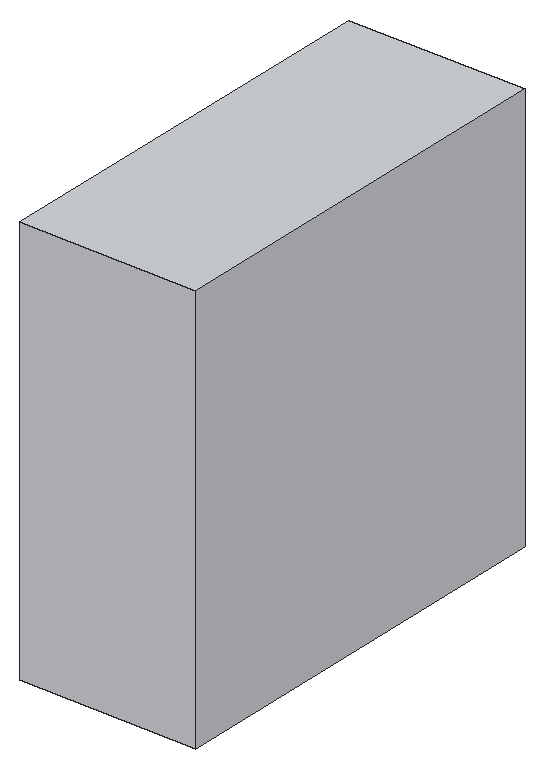
Revit family "070375613e514ead8c5da98e4ead6845", category Duct Accessories, Revit 2021
Family settings
  Round Connector Dimension = Use Diameter
  Part Type = Damper
  OmniClass Number = 23.75.70.11.14.14
  OmniClass Title = Dampers for Air Ductwork
  Seek Item ID = Control Damper - Parallel Blade-0000-USA-ENU
  Work Plane-Based = No
  Always vertical = Yes
  Cut with Voids When Loaded = No
  Shared = No
Parameters (values of type "Standard")
  Width 1 [instance] = Blade Width / 4  # 0' - 3"
  Pressure Drop = 0.00 in-wg
  Duct Width [instance] = 12"
  Duct Height [instance] = 12"
  Default Elevation = 0' - 0"
  Damper Width [instance] = Duct Width + 0' 2"  # 1' - 2"
  Damper Material = none
  Damper Length = 0' - 6"
  Damper Height [instance] = Duct Height + 0' 2"  # 1' - 2"
  Blade Width [instance] = Duct Width  # 1' - 0"
  Blade Length = 0' - 4"
Reference planes (in)
  plane 1 "Center (Front/Back)": y = 0
  plane 2: z = 0
  plane 3 "Center (Left/Right)": x = 0
  plane 4: y = 7
  plane 5: y = -7
  plane 6: x = -3
  plane 7: x = 3
  plane 8: z = 7
  plane 9: z = -7
  plane 10: y = 3
  plane 11: y = 6
  plane 12: y = -3
  plane 13: y = -6
  plane 14: x = -1.5
  plane 15: x = 1.5
Forms (in)
  Extrusion 1, solid, material <- "Damper Material"
    sketch origin (0, 0, 0) x (1, 0, 0) y (0, 1, 0)
      loop
        line (-3, 7) -> (-3, -7) -> (3, -7) -> (3, 7) -> (-3, 7)
    from -7 to 7
Lines and regions (in)
  symbolic lines
    curve 1: line (-1.5, 0, 0) -> (1.5, 3, 0)
    curve 2: line (-1.5, 3, 0) -> (1.5, 6, 0)
    curve 3: line (-1.5, -3, 0) -> (1.5, 0, 0)
    curve 4: line (-1.5, -6, 0) -> (1.5, -3, 0)
Dimensions and locks (in)
  equal spacing: plane 4, plane 1 "Center (Front/Back)", plane 5
  equal spacing: plane 6, plane 3 "Center (Left/Right)", plane 7
  "Damper Length": plane 6 to plane 7
  "Damper Width": plane 4 to plane 5
  equal spacing: plane 8, level, plane 9
  "Damper Height": plane 8 to plane 9
  equal spacing: plane 10, plane 1 "Center (Front/Back)", plane 12
  equal spacing: plane 11, plane 1 "Center (Front/Back)", plane 13
  "Width 1": plane 10 to plane 1 "Center (Front/Back)"
  "Blade Width": plane 11 to plane 13
  equal spacing: plane 14, plane 3 "Center (Left/Right)", plane 15
  locked: plane 6 to plane 14 at 1.5
  aligned and locked: Extrusion 1 sketch curve to plane 4
  aligned and locked: plane 5 to Extrusion 1 sketch curve
  aligned and locked: plane 6 to Extrusion 1 sketch curve
  aligned and locked: Extrusion 1 sketch curve to plane 7
  aligned and locked: plane 8 to Extrusion 1
  aligned and locked: Extrusion 1 to plane 9
  aligned and locked: plane 14 to curve 1
  aligned and locked: plane 1 "Center (Front/Back)" to curve 1
  aligned and locked: plane 15 to curve 1
  aligned and locked: plane 10 to curve 1
  aligned and locked: plane 14 to curve 2
  aligned and locked: plane 10 to curve 2
  aligned and locked: plane 15 to curve 2
  aligned and locked: plane 11 to curve 2
  aligned and locked: plane 12 to curve 3
  aligned and locked: plane 14 to curve 3
  aligned and locked: plane 1 "Center (Front/Back)" to curve 3
  aligned and locked: plane 15 to curve 3
  aligned and locked: plane 13 to curve 4
  aligned and locked: plane 14 to curve 4
  aligned and locked: plane 12 to curve 4
  aligned and locked: plane 15 to curve 4
Connectors (in)
  hvac at (-3, 0, 0), driven by "Duct Height", driven by "Duct Width", driven by "Pressure Drop"
    settings: on Extrusion 1, index 1, duct flow 0 CFM, flow factor 0, pres drop 0.00 in-wg, loss coef 0, conn angle 0.00°, conn width 12", conn height 12", conn diameter 24", duct sys type 29, conn prof type 1, flow config 0, flow direction 0, loss method 4, conn ref index 2, conn util no, is conn primary yes, conn desc ""
  hvac at (3, 0, 0), driven by "Duct Height", driven by "Duct Width"
    settings: on Extrusion 1, index 2, duct flow 0 CFM, flow factor 0, pres drop 0.00 in-wg, loss coef 0, conn angle 0.00°, conn width 12", conn height 12", conn diameter 24", duct sys type 29, conn prof type 1, flow config 0, flow direction 0, loss method 4, conn ref index 1, conn util no, is conn primary no, conn desc ""
